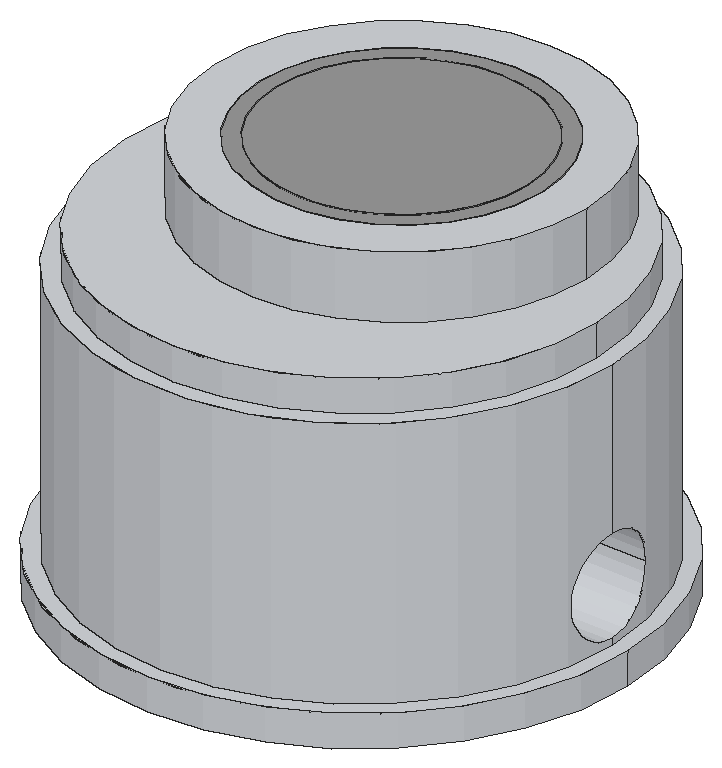
Revit family "（双通平角）1000圆形污水检查井", category 常规模型, Revit 2018
Family settings
  可将钢筋附着到主体 = 否
  圆形连接件大小 = 使用直径
  零件类型 = 标准
  基于工作平面 = 否
  总是垂直 = 是
  加载时剪切的空心 = 否
  共享 = 否
  房间计算点 = 否
Parameters (values of type "污水检查井W8")
  集水井高度 [instance] = 1200 mm
  附属物 = ""
  连接码 = ""
  起点埋深 = ""
  起点地面标高 = ""
  起始点号 = ""
  行X列 = ""
  终点埋深 = ""
  终点地面标高 = ""
  终止点号 = ""
  线型 = ""
  类型 = ""
  管线长度 = ""
  管径或断面尺寸 = ""
  电缆根数 = ""
  电压 = ""
  特征 = ""
  物探点号（管点编号） = ""
  流向 = ""
  材质 = none
  权属单位 = ""
  旋转线长度 = 150 mm
  新旧管线 = yes
  探测日期 = ""
  总孔数 = ""
  已用空孔 = ""
  左水管高度 [instance] = 270 mm
  左水管半径 [instance] = 150 mm
  套管尺寸（孔径） = ""
  备注 = ""
  埋设类型 = ""
  埋设日期 = ""
  右管拉伸长度 [instance] = 1800 mm
  右管半径 [instance] = 150 mm
  右管偏移角度 [instance] = 160.00°
  右水管高度 [instance] = 270 mm
  井筒高度 [instance] = 200 mm
  井筒 = 混凝土，现场浇注 - C15
  井盖及支座 = 钢 ASTM A242
  井板 = 混凝土，现场浇注 - C15
  井室高度 [instance] = 集水井高度 - 井筒高度 - 100 mm  # 900 mm
  井室 = 混凝土，现场浇注 - C15
  井基 = 混凝土，现场浇注 - C15
  Y坐标 = ""
  X坐标 = ""
  90度 = 30.00°
Types (18): name
  污水检查井W10
  污水检查井W9
  污水检查井W8
  污水检查井W7
  污水检查井W23
  污水检查井W22
  污水检查井W20
  污水检查井W19
  污水检查井W18
  污水检查井W17
  污水检查井W16
  污水检查井W15
  污水检查井W14
  污水检查井W13
  污水检查井W4
  污水检查井W3
  污水检查井W2
  污水检查井
Reference planes
  plane 1 "中心(前/后)": y = 0
  plane 2: z = 0
  plane 3 "中心(左/右)": x = 0
  plane 4: z = 100
  plane 5: z = 900
  plane 6: z = 1200
  plane 7: z = 1000
  plane 8: z = 270
  plane 9: z = 270
Forms (mm)
  Extrusion 1, solid
    sketch origin (0, 0, 0) x (1, 0, 0) y (0, 1, 0)
      loop
        circle (0, 0) r 850
    from 0 to 100
  Extrusion 2, solid
    sketch origin (0, 0, 0) x (1, 0, 0) y (0, 1, 0)
      loop
        circle (0, 0) r 800
      loop
        circle (0, 0) r 500
    from 100 to 900
  Extrusion 3, solid
    sketch origin (0, 0, 0) x (1, 0, 0) y (0, 1, 0)
      loop
        circle (0, 200) r 450
      loop
        circle (0, 0) r 750
    from 900 to 1000
  Extrusion 4, solid
    sketch origin (0, 160, 0) x (1, 0, 0) y (0, 1, 0)
      loop
        circle (0, 0) r 590
      loop
        circle (0, 0) r 450
    from 1000 to 1200
  Sweep 5, solid, material "钢 ASTM A242" <- "井盖及支座"
    path in 3D
      loop
        arc (450, 160, 1000) -> (0, -290, 1000) -> (-450, 160, 1000) r 450
        arc (-450, 160, 1000) -> (0, 610, 1000) -> (450, 160, 1000) r 450
    profile origin (0, 610, 1000) x (0, -1, 0) y (0, 0, -1)
      loop
        line (0, -150) -> (0, -200) -> (50, -200) -> (50, -185) -> (100, -185) -> (100, -170) -> (50, -170) -> (30, -150) -> (0, -150)
  Extrusion 6, solid, material "钢 ASTM A242" <- "井盖及支座"
    sketch origin (0, -160, 0) x (1, 0, 0) y (0, 1, 0)
      loop
        circle (0, 320) r 400
    from 1000 to 1200
  Revolve 7, void
    sketch origin (0, 1530.265, 270) x (0, 1, 0) y (-1, 0, 0)
      loop
        line (-1530.265, 920) -> (-1530.265, 0) -> (-1380.265, 0) -> (-1380.265, 920) -> (-1530.265, 920)
      axis (-1530.265, 0) -> (-1530.265, 920)
    angle from 0 to 360
  Revolve 8, void
    sketch origin (4267.2, -2744.198, 270) x (0, -1, 0) y (1, 0, 0)
      loop
        line (-2744.198, -3986.56) -> (-2744.198, -3267.213) -> (-2894.198, -3267.213) -> (-2894.198, -3986.56) -> (-2744.198, -3986.56)
      axis (-2744.198, -3986.56) -> (-2744.198, -3267.213)
    angle from 0 to 360
Cuts and joins
  Revolve 7, Revolve 8 cuts Extrusion 2
Lines and regions (mm)
  sketch lines
    curve 1: arc (-450, 160, 1000) -> (0, 610, 1000) -> (450, 160, 1000) r 450
    curve 2: arc (450, 160, 1000) -> (0, -290, 1000) -> (-450, 160, 1000) r 450
  reference lines
    curve 3: line (0, 0, 270) -> (-2900, 0, 270)
    curve 4: line (0, 0, 270) -> (2940, 0, 270)
Dimensions and locks
  "井室高度": plane 5 to plane 2
  plane 7 to plane 5 = 100 mm
  "左水管高度": plane 9 to level
  "左水管半径": Revolve 7 sketch curve to Revolve 7 sketch curve
  "右水管高度": plane 8 to plane 2
  "右管半径": Revolve 8 sketch curve to Revolve 8 sketch curve
  "井筒高度": plane 6 to plane 7
  Extrusion 6 to plane 6 = 0 mm
  Sweep 5 sketch curve to Sweep 5 sketch curve to Sweep 5 sketch curve = 15 mm, 15 mm
  Sweep 5 sketch curve to Sweep 5 sketch curve = 20 mm
  aligned and locked: level to plane 2
  aligned and locked: Extrusion 2 to plane 4
  aligned and locked: Extrusion 3 to plane 5
  aligned and locked: plane 5 to Extrusion 2
  aligned and locked: plane 7 to Extrusion 3
  aligned and locked: plane 6 to Extrusion 4
  aligned and locked: Extrusion 4 to plane 7
  aligned and locked: curve 4 to Revolve 8 sketch curve
  aligned and locked: Extrusion 6 to Extrusion 3
  aligned and locked: Extrusion 4 to Extrusion 6
  aligned and locked: plane 6 to Sweep 5 sketch curve
Automatic sketch dimensions
  Extrusion 4 sketch curve to Extrusion 4 sketch curve = 0 mm  (x2)
  Extrusion 4 sketch curve to plane 3 "中心(左/右)" = 0 mm
  Extrusion 4 sketch curve to plane 1 "中心(前/后)" = 160 mm
  Sweep 5 sketch curve to profile plane = 0 mm
  Sweep 5 sketch curve to profile plane = 30 mm
  Sweep 5 sketch curve to profile plane = 50 mm
  Sweep 5 sketch curve to Sweep 5 sketch curve = 0 mm
  Sweep 5 sketch curve to Sweep 5 sketch curve = 50 mm
  Extrusion 6 sketch curve to Extrusion 6 sketch curve = 0 mm  (x2)
  Extrusion 6 sketch curve to plane 3 "中心(左/右)" = 0 mm
  Extrusion 6 sketch curve to plane 1 "中心(前/后)" = 160 mm
  Extrusion 6 sketch curve to plane 3 "中心(左/右)" = 400 mm
  curve 3 to plane 1 "中心(前/后)" = 0 mm
  curve 3 to plane 3 "中心(左/右)" = 0 mm
  curve 3 to plane 3 "中心(左/右)" = 2900 mm
  plane 1 "中心(前/后)" to curve 4 = 0 mm
  curve 4 to plane 3 "中心(左/右)" = 0 mm
  plane 3 "中心(左/右)" to curve 4 = 2940 mm
  plane 1 "中心(前/后)" to Extrusion 1 sketch curve = 0 mm
  Extrusion 1 sketch curve to plane 3 "中心(左/右)" = 0 mm
  Extrusion 2 sketch curve to Extrusion 2 sketch curve = 0 mm  (x2)
  plane 1 "中心(前/后)" to Extrusion 2 sketch curve = 0 mm
  Extrusion 2 sketch curve to plane 3 "中心(左/右)" = 0 mm
  Extrusion 3 sketch curve to Extrusion 3 sketch curve = 0 mm  (x2)
  Extrusion 3 sketch curve to plane 3 "中心(左/右)" = 0 mm  (x2)
  plane 1 "中心(前/后)" to Extrusion 3 sketch curve = 0 mm
  Extrusion 3 sketch curve to plane 1 "中心(前/后)" = 200 mm
  Extrusion 3 sketch curve to plane 3 "中心(左/右)" = 450 mm
  plane 1 "中心(前/后)" to Revolve 7 sketch curve = 0 mm  (x2)
  Revolve 7 sketch curve to plane 3 "中心(左/右)" = 0 mm  (x2)
  Revolve 7 sketch curve to plane 3 "中心(左/右)" = 920 mm
  Revolve 7 sketch curve to Revolve 7 sketch curve = 1980 mm
  plane 1 "中心(前/后)" to Revolve 8 sketch curve = 0 mm
  Revolve 8 sketch curve to plane 3 "中心(左/右)" = 0 mm
  plane 3 "中心(左/右)" to Revolve 8 sketch curve = 280.64 mm
  Revolve 8 sketch curve to Revolve 8 sketch curve = 719.347 mm
  Revolve 8 sketch curve to Revolve 8 sketch curve = 1940.013 mm
  radius of Extrusion 4 sketch curve = 590 mm
  radius of Extrusion 4 sketch curve = 450 mm
  radius of Extrusion 1 sketch curve = 850 mm
  radius of Extrusion 2 sketch curve = 800 mm
  radius of Extrusion 2 sketch curve = 500 mm
  radius of Extrusion 3 sketch curve = 750 mm
